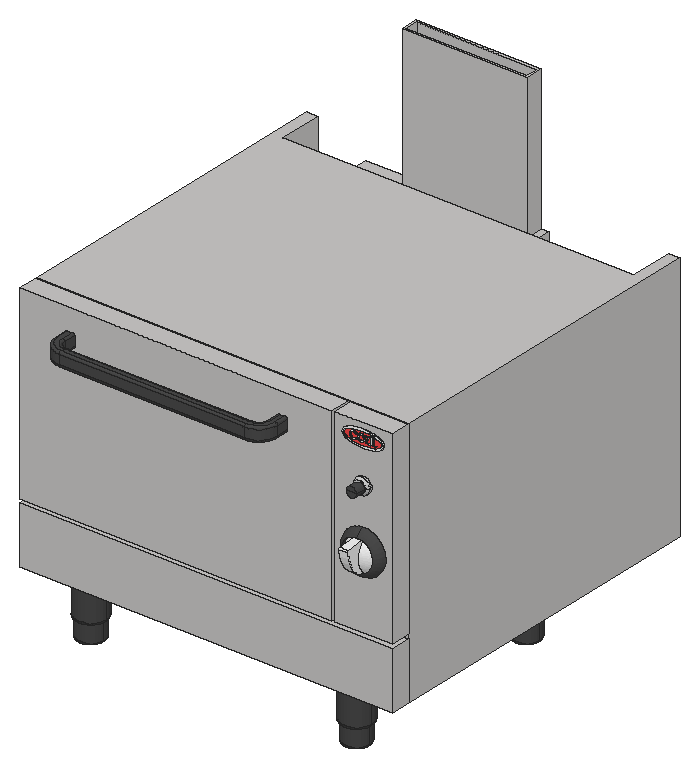
Revit family "QF_MACOM_FOGCP-70", category Equipamento especial, Revit 2020 (continued)
Definition of nested family "Botão Fogão"
  Forms (mm)
    Extrusion 2, solid
      from -8 to 8
  Cuts and joins
    joined: Revolve 1, Extrusion 2
  Dimensions and locks
    aligned and locked: level to plane 2
Definition of nested family "Botão"
  Parameters (values of type "Botão")
    Weight [instance] = 0.00 kg
    Watts [instance] = 0 W
    Waste Water Discharge Temperature [instance] = -273.15 °C
    Waste Remarks [instance] = ""
    Warranty Start Date [instance] = ""
    Warranty Duration [instance] = ""
    Volts [instance] = 0 V
    Volt Free Conn [instance] = yes
    Ventilation Remarks [instance] = ""
    URL Recommended Spares List [instance] = ""
    URL Manufacturer [instance] = ""
    URL Cutsheet [instance] = ""
    URL Critical Spares List [instance] = ""
    Default Elevation = 0.00 mm
    Type Comments = "USA_IFSE_SharedParameters_Dummy_V07_21"
    Technical Documentation [instance] = ""
    Tag Number [instance] = ""
    Steam type [instance] = ""
    Steam Supply Volume [instance] = 0.0 m³/h
    Steam Supply Size [instance] = 0 mm
    Steam Supply RI Height [instance] = 0.00 mm
    Steam Supply Minimum Pressure [instance] = 0.0 bar
    Steam Supply Maximum Pressure [instance] = 0.0 bar
    Steam Supply Connection Height [instance] = 0.00 mm
    Steam Remarks [instance] = ""
    Steam Pounds per Hour [instance] = 0
    Status [instance] = ""
    Start Up Current [instance] = 0 A
    Specification by User [instance] = ""
    Specification by Manufacturer [instance] = ""
    Sound Level [instance] = ""
    Solid Fuel Type [instance] = ""
    Show Logo [instance] = yes
    Show Clearances [instance] = yes
    Service Life Duration [instance] = ""
    Serial Number [instance] = ""
    Sensible Heat Output [instance] = 0 Btu/h
    Seismic Rating [instance] = ""
    SMACNA No [instance] = ""
    Revision Code [instance] = ""
    Revision [instance] = ""
    Refrigeration Working Pressure [instance] = 0.0 bar
    Refrigeration Suction Line Size [instance] = 0 mm
    Refrigeration Liquid Line Size [instance] = 0 mm
    Refrigeration Evaporation Temperature [instance] = -273.15 °C
    Refrigeration Energy Efficiency Index [instance] = ""
    Refrigeration Defrost Drain [instance] = yes
    Refrigeration Climate Class [instance] = ""
    Refrigerant Type [instance] = ""
    Refrigerant Mass [instance] = 0
    Refrigerant Flow [instance] = 0.0 m³/h
    Refrigerant Compressor Remote [instance] = yes
    Production Year [instance] = ""
    Preheated Hot Water Temperature Recommended [instance] = -273.15 °C
    Preheated Hot Water Size [instance] = 0 mm
    Preheated Hot Water RI Height [instance] = 0.00 mm
    Preheated Hot Water Quality [instance] = ""
    Preheated Hot Water Minimum Pressure [instance] = 0.0 bar
    Preheated Hot Water Maximum Pressure [instance] = 0.0 bar
    Preheated Hot Water Flow [instance] = 0.0 m³/h
    Preheated Hot Water Connection Height [instance] = 0.00 mm
    Potential Equalisation [instance] = yes
    Point Load [instance] = 0
    Plumbing Remarks [instance] = ""
    Plumbing Connection Type [instance] = ""
    Phase [instance] = 0
    Other Equipment Approvals [instance] = ""
    Operational Current [instance] = 0 A
    Odor Trap Included [instance] = yes
    Number of Poles [instance] = 1
    No Load Power Draw [instance] = yes
    National Water Regulation Certification [instance] = yes
    NAFEM Spec ID Number [instance] = ""
    Model Warning [instance] = ""
    Min Ckt Ampacity [instance] = 0 A
    Mechanical Remarks [instance] = ""
    Mechanical Connection Type [instance] = ""
    Max Overcurrent Protection [instance] = 0 A
    Masterspec [instance] = ""
    Main switch integrated [instance] = yes
    MU Air Volume [instance] = 0.0 L/s
    MU Air Vent Width [instance] = 0.00 mm
    MU Air Vent Diameter [instance] = 0.00 mm
    MU Air Vent Depth [instance] = 0.00 mm
    MU Air Static Press [instance] = 0.0 Pa
    MU Air Speed at Spigot [instance] = 0.0 L/s
    MU Air RI Height [instance] = 0.00 mm
    Length Actual [instance] = 0.00 mm
    Latent Heat Output [instance] = 0 Btu/h
    Item Number [instance] = ""
    Installed By [instance] = ""
    Installation Date [instance] = ""
    Ingress Protection Code [instance] = ""
    Indirect Waste Size [instance] = 0 mm
    Indirect Waste Flow [instance] = 0.0 m³/h
    Indirect Waste Connection Type [instance] = ""
    Indirect Waste Connection Height [instance] = 0.00 mm
    Identify Quantity as Lot [instance] = yes
    ID [instance] = ""
    Hygiene Approval [instance] = ""
    Hot Water Temperature [instance] = -273.15 °C
    Hot Water Supply Temperature [instance] = -273.15 °C
    Hot Water Size [instance] = 0 mm
    Hot Water RI Height [instance] = 0.00 mm
    Hot Water Quality [instance] = ""
    Hot Water Minimum Pressure [instance] = 0.0 bar
    Hot Water Maximum Pressure [instance] = 0.0 bar
    Hot Water Flow [instance] = 0.0 m³/h
    Hot Water Consumption [instance] = ""
    Hot Water Connection Height [instance] = 0.00 mm
    Height Actual [instance] = 0.00 mm
    HP [instance] = ""
    Gas Size Flexible [instance] = 0 mm
    Gas Size Fixed [instance] = 0 mm
    Gas Size [instance] = 0 mm
    Gas RI Height [instance] = 0.00 mm
    Gas Input [instance] = 0 Btu/h
    Gas Flow [instance] = 0.0 m³/h
    Gas Connection Height [instance] = 0.00 mm
    Furnished By [instance] = ""
    Fuel Type [instance] = ""
    Foodservice Equipment Identifier [instance] = yes
    Flue Type [instance] = ""
    Filtered Treated Water Supply Size [instance] = 0 mm
    Filtered Treated Water Recommended Temperature [instance] = -273.15 °C
    Filtered Treated Water RI Height [instance] = 0.00 mm
    Filtered Treated Water Quality [instance] = ""
    Filtered Treated Water Minimum Pressure [instance] = 0.0 bar
    Filtered Treated Water Maximum Pressure [instance] = 0.0 bar
    Filtered Treated Water Flow [instance] = 0.0 m³/h
    Filtered Treated Water Consumption [instance] = ""
    Filtered Treated Water Connection Height [instance] = 0.00 mm
    FL Amps [instance] = 0 A
    Exhaust Volume [instance] = 0.0 L/s
    Exhaust Vent Width [instance] = 0.00 mm
    Exhaust Vent Height [instance] = 0.00 mm
    Exhaust Vent Diameter [instance] = 0.00 mm
    Exhaust Vent Depth [instance] = 0.00 mm
    Exhaust Static Press [instance] = 0.0 Pa
    Exhaust Speed at Spigot [instance] = 0.0 L/s
    Exhaust RI Height [instance] = 0.00 mm
    Exhaust Air Temperature [instance] = -273.15 °C
    Exhaust Air Humidity [instance] = 0
    Energy Efficiency Labelling [instance] = ""
    Electrical Remarks [instance] = ""
    Electric Connection Type [instance] = ""
    Elec Conn RI Height [instance] = 0.00 mm
    Elec Conn Connection Height [instance] = 0.00 mm
    Earth Leakage Switch necessary [instance] = yes
    Earth Leakage Switch Type [instance] = ""
    ETL Approved [instance] = yes
    Direct Waste Size [instance] = 0 mm
    Direct Waste RI Height [instance] = 0.00 mm
    Direct Waste Flow [instance] = 0.0 m³/h
    Direct Waste Connection Height [instance] = 0.00 mm
    Direct Heat Output [instance] = 0 Btu/h
    Digital Connectivity Description [instance] = ""
    Depth Actual [instance] = 0.00 mm
    Cycle [instance] = 0 Hz
    Connection to energy optimisation system [instance] = yes
    Conn Plug [instance] = ""
    Conn Conduit [instance] = yes
    Condensate Return Size [instance] = 0 mm
    Condensate Return RI Height [instance] = 0.00 mm
    Condensate Return Connection Height [instance] = 0.00 mm
    Compressed Air Volume [instance] = 0.0 m³/h
    Compressed Air Size [instance] = 0 mm
    Compressed Air RI Height [instance] = 0.00 mm
    Compressed Air Quality [instance] = ""
    Compressed Air Pressure [instance] = 0.0 bar
    Compressed Air Connection Height [instance] = 0.00 mm
    Cold Water Temperature Recommended [instance] = -273.15 °C
    Cold Water Size [instance] = 0 mm
    Cold Water RI Height [instance] = 0.00 mm
    Cold Water Quality [instance] = ""
    Cold Water Minimum Pressure [instance] = 0.0 bar
    Cold Water Maximum Pressure [instance] = 0.0 bar
    Cold Water Flow [instance] = 0.0 m³/h
    Cold Water Consumption [instance] = ""
    Cold Water Connection Height [instance] = 0.00 mm
    Chilled Water Temperature [instance] = -273.15 °C
    Chilled Water Supply Size [instance] = 0 mm
    Chilled Water Supply RI Height [instance] = 0.00 mm
    Chilled Water Supply Quality [instance] = ""
    Chilled Water Supply Maximum Temperature [instance] = -273.15 °C
    Chilled Water Supply Connection Height [instance] = 0.00 mm
    Chilled Water Return Size [instance] = 0 mm
    Chilled Water Return RI Height [instance] = 0.00 mm
    Chilled Water Return Minimum Pressure [instance] = 0.0 bar
    Chilled Water Return Maximum Pressure [instance] = 0.0 bar
    Chilled Water Return Connection Height [instance] = 0.00 mm
    Chilled Water Minimum Pressure [instance] = 0.0 bar
    Chilled Water Maximum Pressure [instance] = 0.0 bar
    Chilled Water Flow [instance] = 0.0 m³/h
    CSI MasterFormat [instance] = ""
    CO2 Volume [instance] = 0.0 m³/h
    CO2 Size [instance] = 0 mm
    CO2 RI Height [instance] = 0.00 mm
    CO2 Pressure [instance] = 0.0 bar
    CO2 Connection Height [instance] = 0.00 mm
    CE Approved [instance] = yes
    Barcode [instance] = ""
    BTUH [instance] = 0 Btu/h
    Author [instance] = ""
    Asset Identifier [instance] = ""
    Apparent Power [instance] = 0 VA
    Accessory [instance] = yes
    Ability for Digital Connectivity [instance] = yes
  Reference planes
    plane 1 "Centro (Frontal/Traseira)": y = 0
    plane 2: z = 0
    plane 3 "Centro (Esquerda/Direita)": x = 0
    plane 4: y = -28
    plane 5: y = -10
  Forms (mm)
    Revolve 1, solid
      sketch origin (0, 0, 15) x (0, -1, 0) y (1, 0, 0)
        loop
          line (0, 0) -> (28, 0) -> (28, 9.536) -> (10, 9.536) -> (10, 11.536) -> (4, 15) -> (0, 15) -> (0, 0)
        axis (0, 0) -> (28, 0)
      angle from 0 to 360
  Dimensions and locks
    aligned and locked: level to plane 2
    aligned and locked: plane 3 "Centro (Esquerda/Direita)" to Revolve 1 sketch curve
Definition of nested family "PÉ DE APOIO 150"
  Parameters (values of type "PÉ DE APOIO 150")
    Default Elevation = 0.00 mm
  Reference planes
    plane 1 "Centro (Frente/Trás)": y = 0
    plane 2: z = 0
    plane 3 "Centro (Esquerda/Direita)": x = 0
  Forms (mm)
    Revolve 1, solid
      sketch origin (0, 0, 0) x (1, 0, 0) y (0, 0, 1)
        loop
          line (0, 0) -> (23.041, 0)
          arc (23.041, 0) -> (24.426, 0.574) -> (25, 1.959) r 1.959
          line (25, 1.959) -> (25, 35) -> (26.049, 35)
          arc (26.049, 35) -> (28.136, 35.864) -> (29, 37.951) r 2.951
          line (29, 37.951) -> (29, 132) -> (34, 137) -> (0, 137) -> (0, 0)
        axis (0, 137) -> (0, 0)
      angle from 0 to 360
    Extrusion 2, solid
      sketch origin (0, 0, 0) x (1, 0, 0) y (0, 0, 1)
        loop
          line (42, 137) -> (42, 149.5) -> (-42, 149.5) -> (-42, 137) -> (42, 137)
      from -52 to 52
  Dimensions and locks
    Extrusion 2 sketch curve to plane 3 "Centro (Esquerda/Direita)" to Extrusion 2 sketch curve = 42.00 mm, 42.00 mm
    aligned and locked: level to plane 2
